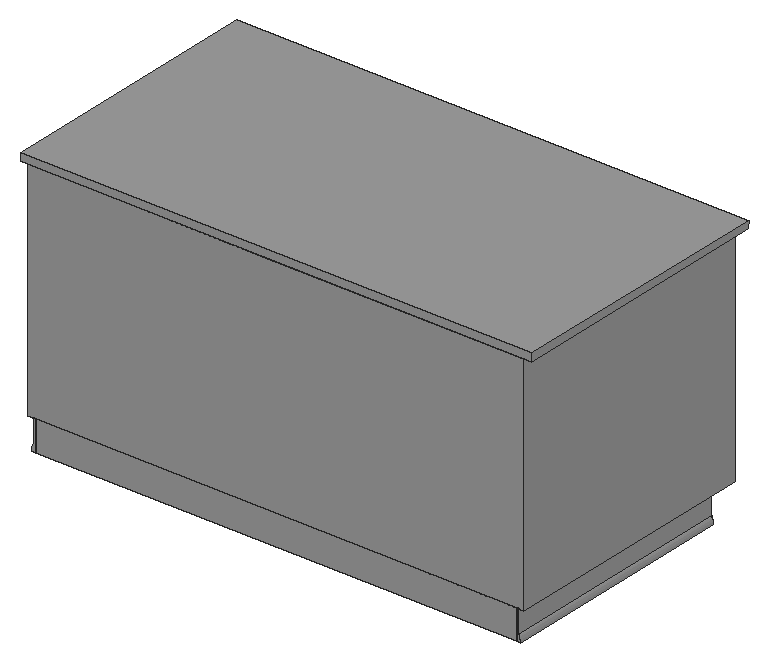
Revit family
Reference planes (in)
  plane 1 "Center Front/Back": y = 0
  plane 2: z = 0
  plane 3 "Center Left/Right": x = 0
  plane 4: y = -4
  plane 5: z = 16.49844
Forms (in)
  Extrusion 1, solid, material "Wood Cabinet"
    sketch origin (0, 0, 0) x (1, 0, 0) y (0, 0, 1)
      loop
        line (-32, 4) -> (-32, 0) -> (32, 0) -> (32, 4) -> (-32, 4)
    from 4 to 36
  Extrusion 2, solid, material "Wood Cabinet"
    sketch origin (0, 0, 0) x (1, 0, 0) y (0, 0, 1)
      loop
        line (0, 4) -> (33, 4) -> (33, 34) -> (0, 34) -> (-33, 34) -> (-33, 4) -> (0, 4)
    from 1 to 36
  Extrusion 3, solid, material "Countertop"
    sketch origin (0, 0, 0) x (1, 0, 0) y (0, 0, 1)
      loop
        line (-33, 34) -> (33, 34) -> (34, 34) -> (34, 35) -> (-34, 35) -> (-34, 34) -> (-33, 34)
    from 0 to 36
  Extrusion 4, solid, material "Plastic Footboard"
    sketch origin (0, 0, 0) x (1, 0, 0) y (0, 0, 1)
      loop
        line (-32, 4) -> (-32.25, 4) -> (-32.25, 1)
        arc (-32.25, 1) -> (-32.46359, 0.52215) -> (-32.5, 0) r 1.5
        line (-32.5, 0) -> (-32, 0) -> (-32, 4)
      loop
        line (32, 4) -> (32, 0) -> (32.5, 0)
        arc (32.5, 0) -> (32.46359, 0.52215) -> (32.25, 1) r 1.5
        line (32.25, 1) -> (32.25, 4) -> (32, 4)
    from 4 to 36
  Extrusion 5, solid, material "Plastic Footboard"
    sketch origin (0, 0, 0) x (0, 1, 0) y (0, 0, 1)
      loop
        line (-4, 4) -> (-4, 0) -> (-3.5, 0)
        arc (-3.5, 0) -> (-3.53641, 0.52215) -> (-3.75, 1) r 1.5
        line (-3.75, 1) -> (-3.75, 4) -> (-4, 4)
    from -32 to 32
  Extrusion 6, solid, material "Wood Cabinet"
    sketch origin (0, 0, 0) x (1, 0, 0) y (0, 0, 1)
      loop
        line (-29, 32) -> (-29, 26) -> (-11, 26) -> (-11, 32) -> (-29, 32)
      loop
        line (29, 32) -> (11, 32) -> (11, 26) -> (29, 26) -> (29, 32)
      loop
        line (-9, 32) -> (-9, 26) -> (9, 26) -> (9, 32) -> (-9, 32)
    from 0.5 to 1
  Extrusion 7, solid, material "Wood Cabinet"
    sketch origin (0, 0, 0) x (1, 0, 0) y (0, 0, 1)
      loop
        line (29, 24) -> (11, 24) -> (11, 6) -> (29, 6) -> (29, 24)
      loop
        line (-29, 24) -> (-29, 6) -> (-11, 6) -> (-11, 24) -> (-29, 24)
      loop
        line (9, 24) -> (-9, 24) -> (-9, 6) -> (9, 6) -> (9, 24)
    from 0.5 to 1
  Extrusion 8, solid, material "Handles"
    sketch origin (0, 0, 0) x (1, 0, 0) y (0, 0, 1)
      loop
        circle (12.125, 16.5) r 0.1
      loop
        circle (12.125, 13.75) r 0.1
      loop
        circle (8, 16.5) r 0.1
      loop
        circle (8, 13.75) r 0.1
      loop
        circle (-12, 16.5) r 0.1
      loop
        circle (-11.74603, 13.33858) r 0.1
    from -0.5 to 0.5
  Extrusion 9, solid, material "Handles"
    sketch origin (12.12787, 0, 16.49844) x (1, 0, 0) y (0, 1, 0)
      loop
        circle (-24.02787, 0.5) r 0.1
      loop
        circle (-4.12787, 0.5) r 0.1
      loop
        circle (0.02436, 0.4509) r 0.1
    from 0 to -2.80078
  Extrusion 10, solid, material "Handles"
    sketch origin (0, 0, 0) x (1, 0, 0) y (0, 0, 1)
      loop
        circle (18.50675, 29.00783) r 0.1
      loop
        circle (21.50675, 29.00783) r 0.1
      loop
        circle (-1.49325, 29.00783) r 0.1
      loop
        circle (1.50675, 29.00783) r 0.1
      loop
        circle (-21.49325, 29.00783) r 0.1
      loop
        circle (-18.49325, 29.00783) r 0.1
    from -0.5 to 0.5
  Extrusion 11, solid, material "Handles"
    sketch origin (0, 0, 0) x (0, 1, 0) y (0, 0, 1)
      loop
        circle (0.5, 29.00783) r 0.1
    from -1.5 to 1.5
  Extrusion 12, solid, material "Handles"
    sketch origin (0, 0, 0) x (0, 1, 0) y (0, 0, 1)
      loop
        circle (0.5, 29.00783) r 0.1
    from 18.5 to 21.5
  Extrusion 13, solid, material "Handles"
    sketch origin (0, 0, 0) x (0, 1, 0) y (0, 0, 1)
      loop
        circle (0.5, 29.00783) r 0.1
    from -18.5 to -21.5
